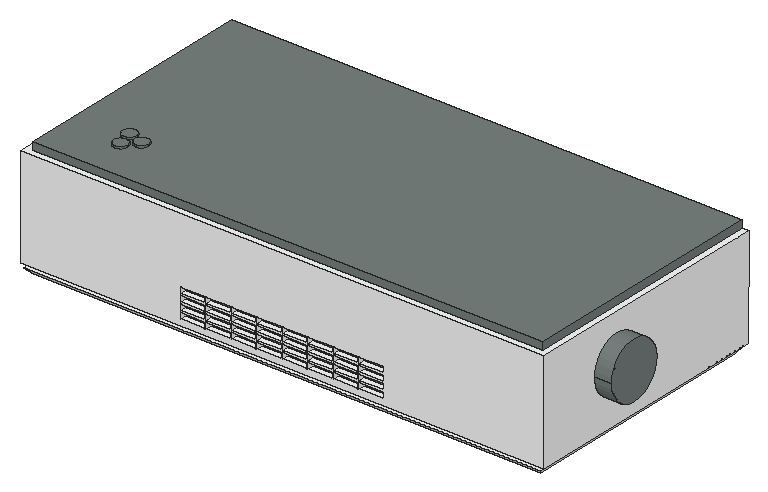
Revit family "AM 150 HHBDE", category Mechanical Equipment, Revit 2019
Family settings
  Round Connector Dimension = Use Diameter
  Part Type = Normal
  OmniClass Number = 23.75.00.00
  OmniClass Title = Climate Control (HVAC)
  Work Plane-Based = No
  Always vertical = Yes
  Cut with Voids When Loaded = No
  Shared = No
  Room Calculation Point = No
Parameters
  publication date = "09.10.2024"
  Weight (Standard Unit) = 47  # constant formula
  Water Heater Surface Return = 15 mm  # constant formula
  Water Heater Surface IN = 15 mm  # constant formula
  Version number = "1.0"
  URL = "https://www.airmaster-as.com/products/ventilation-units-wall-mounted/am-150"
  Total Width = 1170 mm  # constant formula
  Total Hight = 262 mm  # constant formula
  T-C Duct Supply = 158 mm  # constant formula
  T-C Duct Exhaust = 158 mm  # constant formula
  Suply Air In = 160 mm  # constant formula
  Return Air = 125 mm  # constant formula
  R-C Duct Supply = 105 mm  # constant formula
  Phase 1 - Max Power Consumption = "1175 W"
  Phase 1 - Max Current = "7,97 A"
  Nominal current, electrical preheating surface = "4,35 A"
  Nominal current, electrical comfort heating surface = "2,17 A"
  Nominal current, air handling unit = "1,45 A"
  Network Conection = "AWG 24 CAT 5e STP"
  Model = "AM 150 HHBDE"
  Max. flow rate 35 dB(A) with ePM10 80% filters = 120.00 m³  # constant formula
  Max. flow rate 35 dB(A) with ePM10 55% filters = 137.00 m³  # constant formula
  Max. flow rate 35 dB(A) with ePM10 50% filters = 156.00 m³  # constant formula
  Max. flow rate 30 dB(A) with ePM10 80% filters = 91.00 m³  # constant formula
  Max. flow rate 30 dB(A) with ePM10 55% filters = 98.00 m³  # constant formula
  Max. flow rate 30 dB(A) with ePM10 50% filters = 123.00 m³  # constant formula
  Manufacturer = "Airmaster A/S"
  Maintenance [instance] = no
  L-C Duct Exhaust = 105 mm  # constant formula
  Exhaust Air = 160 mm  # constant formula
  Total Depth = 571 mm  # constant formula
  Electrical connection = "1 ~ 230 V / N / PE / 50 Hz"
  Drawn By = "LSB"
  Condensate = 6 mm  # constant formula
  BMS Panel = "(PTS) 2x2x0,6"
  BMS Out = "(PTS) 2x2x0,6"
  BMS IN = "(PTS) 2x2x0,6"
  Airlow area [instance] = no
Reference planes
  plane 1 "Center (Front/Back)": y = 0
  plane 2: z = 0
  plane 3 "Center (Left/Right)": x = 0
  plane 4 "Center L/S": y = -571
  plane 5 "Center L/T": x = -585
  plane 6 "Center L/U": x = 585
  plane 7 "TOP": z = 262
  plane 8 "Center L/V": x = -570
  plane 9 "Center L/W": y = -556
  plane 10 "Center L/X": x = 570
  plane 11 "Panel Buttom": z = 20.747
  plane 12 "Panel Top": z = 246.501
  plane 13 "Hatch": z = 14.5
Forms (mm)
  Extrusion 1, solid, material "AM Grey"
    sketch origin (0, 0, 0) x (1, 0, 0) y (0, 1, 0)
      loop
        line (-570, 0) -> (-570, -556) -> (570, -556) -> (570, 0) -> (-570, 0)
    from 14.5 to 262
  Extrusion 2, solid, material "AM White"
    sketch origin (794.5, -1524, 20.747) x (0, -1, 0) y (-1, 0, 0)
      loop
        line (-1524, 1379.5) -> (-1524, 1364.5) -> (-968, 1364.5) -> (-968, 224.5) -> (-1524, 224.5) -> (-1524, 209.5) -> (-953, 209.5) -> (-953, 1379.5) -> (-1524, 1379.5)
    from 0 to -225.754
  Blend 3, solid, material "AM White"
    base sketch origin (-790.646, -1524, 14.5) x (0, -1, 0) y (1, 0, 0)
      loop
        line (-953, 212.613) -> (-953, 1368.657) -> (-1524, 1368.657) -> (-1524, 212.613) -> (-953, 212.613)
    top sketch origin (-790.646, -1524, 14.5) x (0, -1, 0) y (1, 0, 0)
      loop
        line (-968, 223.963) -> (-968, 1357.646) -> (-1509.161, 1357.646) -> (-1509.161, 223.963) -> (-968, 223.963)
    from 0 to -14.5
  Extrusion 4, solid, material "AM Grey"
    sketch origin (-570, 0, 0) x (1, 0, 0) y (0, 0, -1)
      loop
        circle (1035, -119.501) r 77.16
      loop
        circle (1035, -119.501) r 78
    from 0 to 18.45
  Extrusion 5, solid, material "AM Grey"
    sketch origin (-785, 0, 0) x (1, 0, 0) y (0, 0, -1)
      loop
        circle (290, -119.501) r 77.16
      loop
        circle (290, -119.501) r 78
    from 0 to 18.45
  Extrusion 6, solid, material "Maintenece", visible <- "Maintenance"
    sketch origin (-790.646, -1524, 0) x (1, 0, 0) y (0, -1, 0)
      loop
        line (205.646, -1524) -> (1375.646, -1524) -> (1375.646, -953) -> (205.646, -953) -> (205.646, -1524)
    from 0 to 1200
  Extrusion 7, solid, material "AM Grey"
    sketch origin (-876.982, -12.495, 262) x (1, 0, 0) y (0, 1, 0)
      loop
        circle (423.027, -417.273) r 15.55
    from 0 to 3
  Extrusion 8, solid, material "AM Grey"
    sketch origin (-866.134, 5.874, 262) x (1, 0, 0) y (0, 1, 0)
      loop
        circle (447.132, -446.023) r 15.55
    from 0 to 3
  Extrusion 9, solid, material "AM Grey"
    sketch origin (-855.713, -13.073, 262) x (1, 0, 0) y (0, 1, 0)
      loop
        circle (410.201, -452.535) r 15.55
    from 0 to 3
  Extrusion 10, void
    sketch origin (585, -571, 24.45) x (1, 0, 0) y (0, 0, -1)
      loop
        line (-811.5, -75.55) -> (-757.5, -75.55) -> (-757.5, -61.55) -> (-811.5, -61.55) -> (-811.5, -75.55)
      loop
        line (-811.5, -58.55) -> (-757.5, -58.55) -> (-757.5, -44.55) -> (-811.5, -44.55) -> (-811.5, -58.55)
      loop
        line (-811.5, -41.55) -> (-757.5, -41.55) -> (-757.5, -27.55) -> (-811.5, -27.55) -> (-811.5, -41.55)
      loop
        line (-811.5, -24.55) -> (-757.5, -24.55) -> (-757.5, -10.55) -> (-811.5, -10.55) -> (-811.5, -24.55)
      loop
        line (-754.5, -75.55) -> (-700.5, -75.55) -> (-700.5, -61.55) -> (-754.5, -61.55) -> (-754.5, -75.55)
      loop
        line (-754.5, -58.55) -> (-700.5, -58.55) -> (-700.5, -44.55) -> (-754.5, -44.55) -> (-754.5, -58.55)
      loop
        line (-754.5, -41.55) -> (-700.5, -41.55) -> (-700.5, -27.55) -> (-754.5, -27.55) -> (-754.5, -41.55)
      loop
        line (-754.5, -24.55) -> (-700.5, -24.55) -> (-700.5, -10.55) -> (-754.5, -10.55) -> (-754.5, -24.55)
      loop
        line (-697.5, -75.55) -> (-643.5, -75.55) -> (-643.5, -61.55) -> (-697.5, -61.55) -> (-697.5, -75.55)
      loop
        line (-697.5, -58.55) -> (-643.5, -58.55) -> (-643.5, -44.55) -> (-697.5, -44.55) -> (-697.5, -58.55)
      loop
        line (-697.5, -41.55) -> (-643.5, -41.55) -> (-643.5, -27.55) -> (-697.5, -27.55) -> (-697.5, -41.55)
      loop
        line (-697.5, -24.55) -> (-643.5, -24.55) -> (-643.5, -10.55) -> (-697.5, -10.55) -> (-697.5, -24.55)
      loop
        line (-640.5, -75.55) -> (-586.5, -75.55) -> (-586.5, -61.55) -> (-640.5, -61.55) -> (-640.5, -75.55)
      loop
        line (-640.5, -58.55) -> (-586.5, -58.55) -> (-586.5, -44.55) -> (-640.5, -44.55) -> (-640.5, -58.55)
      loop
        line (-640.5, -41.55) -> (-586.5, -41.55) -> (-586.5, -27.55) -> (-640.5, -27.55) -> (-640.5, -41.55)
      loop
        line (-640.5, -24.55) -> (-586.5, -24.55) -> (-586.5, -10.55) -> (-640.5, -10.55) -> (-640.5, -24.55)
      loop
        line (-583.5, -75.55) -> (-529.5, -75.55) -> (-529.5, -61.55) -> (-583.5, -61.55) -> (-583.5, -75.55)
      loop
        line (-583.5, -58.55) -> (-529.5, -58.55) -> (-529.5, -44.55) -> (-583.5, -44.55) -> (-583.5, -58.55)
      loop
        line (-583.5, -41.55) -> (-529.5, -41.55) -> (-529.5, -27.55) -> (-583.5, -27.55) -> (-583.5, -41.55)
      loop
        line (-583.5, -24.55) -> (-529.5, -24.55) -> (-529.5, -10.55) -> (-583.5, -10.55) -> (-583.5, -24.55)
      loop
        line (-526.5, -75.55) -> (-472.5, -75.55) -> (-472.5, -61.55) -> (-526.5, -61.55) -> (-526.5, -75.55)
      loop
        line (-526.5, -58.55) -> (-472.5, -58.55) -> (-472.5, -44.55) -> (-526.5, -44.55) -> (-526.5, -58.55)
      loop
        line (-526.5, -41.55) -> (-472.5, -41.55) -> (-472.5, -27.55) -> (-526.5, -27.55) -> (-526.5, -41.55)
      loop
        line (-526.5, -24.55) -> (-472.5, -24.55) -> (-472.5, -10.55) -> (-526.5, -10.55) -> (-526.5, -24.55)
      loop
        line (-469.5, -75.55) -> (-415.5, -75.55) -> (-415.5, -61.55) -> (-469.5, -61.55) -> (-469.5, -75.55)
      loop
        line (-469.5, -58.55) -> (-415.5, -58.55) -> (-415.5, -44.55) -> (-469.5, -44.55) -> (-469.5, -58.55)
      loop
        line (-469.5, -41.55) -> (-415.5, -41.55) -> (-415.5, -27.55) -> (-469.5, -27.55) -> (-469.5, -41.55)
      loop
        line (-469.5, -24.55) -> (-415.5, -24.55) -> (-415.5, -10.55) -> (-469.5, -10.55) -> (-469.5, -24.55)
      loop
        line (-412.5, -75.55) -> (-358.5, -75.55) -> (-358.5, -61.55) -> (-412.5, -61.55) -> (-412.5, -75.55)
      loop
        line (-412.5, -58.55) -> (-358.5, -58.55) -> (-358.5, -44.55) -> (-412.5, -44.55) -> (-412.5, -58.55)
      loop
        line (-412.5, -41.55) -> (-358.5, -41.55) -> (-358.5, -27.55) -> (-412.5, -27.55) -> (-412.5, -41.55)
      loop
        line (-412.5, -24.55) -> (-358.5, -24.55) -> (-358.5, -10.55) -> (-412.5, -10.55) -> (-412.5, -24.55)
    from 0 to 15
  Extrusion 11, solid, material "AM Grey"
    sketch origin (585, 0, 20.747) x (0, -1, 0) y (0, 0, -1)
      loop
        circle (369, -122.253) r 62.5
    from 0 to 40
Cuts and joins
  Extrusion 10 cuts Extrusion 1
  Extrusion 10 cuts Extrusion 2
Dimensions and locks
  "Total Depth": plane 4 "Center L/S" to plane 1 "Center (Front/Back)"
  equal spacing: plane 5 "Center L/T", plane 3 "Center (Left/Right)", plane 6 "Center L/U"
  "Total Width": plane 5 "Center L/T" to plane 6 "Center L/U"
  "Total Hight": plane 7 "TOP" to level
  locked: plane 10 "Center L/X" to plane 6 "Center L/U" at 15
  locked: plane 4 "Center L/S" to plane 9 "Center L/W" at 15
  locked: plane 5 "Center L/T" to plane 8 "Center L/V" at 15
  Extrusion 1 to Blend 3 sketch curve = 14.839 mm
  cut or joined group of Extrusion 1, Extrusion 10 to Extrusion 11 sketch curve = 119 mm
  Extrusion 11 sketch curve to plane 1 "Center (Front/Back)" = 369 mm
  aligned and locked: level to plane 2
  aligned and locked: plane 1 "Center (Front/Back)" to Extrusion 1 sketch curve
  aligned and locked: plane 8 "Center L/V" to Extrusion 1 sketch curve
  aligned and locked: Extrusion 1 sketch curve to plane 9 "Center L/W"
  aligned and locked: Extrusion 1 sketch curve to plane 10 "Center L/X"
  aligned and locked: plane 7 "TOP" to Extrusion 1
  aligned and locked: plane 5 "Center L/T" to Extrusion 2 sketch curve
  aligned and locked: plane 4 "Center L/S" to Extrusion 2 sketch curve
  aligned and locked: plane 6 "Center L/U" to Extrusion 2 sketch curve
  aligned and locked: Extrusion 2 sketch curve to Extrusion 1  (x3)
  aligned and locked: plane 1 "Center (Front/Back)" to Extrusion 2 sketch curve
  aligned and locked: Extrusion 2 to plane 12 "Panel Top"
  aligned and locked: Blend 3 to plane 2
  aligned and locked: plane 13 "Hatch" to Extrusion 1
Automatic sketch dimensions
  plane 1 "Center (Front/Back)" to Extrusion 2 sketch curve = 0 mm
  plane 1 "Center (Front/Back)" to Blend 3 sketch curve = 0 mm
  plane 4 "Center L/S" to Blend 3 sketch curve = 0 mm
  plane 5 "Center L/T" to Blend 3 sketch curve = 6.967 mm
  Blend 3 sketch curve to plane 6 "Center L/U" = 6.989 mm
  plane 9 "Center L/W" to Blend 3 sketch curve = 0 mm
  plane 8 "Center L/V" to Blend 3 sketch curve = 3.316 mm
  Blend 3 sketch curve to plane 10 "Center L/X" = 3 mm
  Extrusion 6 sketch curve to Blend 3 = 18.316 mm
  Extrusion 6 sketch curve to Blend 3 = 18 mm
  Extrusion 6 sketch curve to Blend 3 = 15 mm
  Extrusion 6 sketch curve to Blend 3 = 14.839 mm
  Extrusion 7 sketch curve to Extrusion 1 = 1023.955 mm
  Extrusion 7 sketch curve to Extrusion 1 = 126.232 mm
  Extrusion 8 sketch curve to Extrusion 1 = 989.002 mm
  Extrusion 8 sketch curve to Extrusion 1 = 115.851 mm
  Extrusion 9 sketch curve to Extrusion 1 = 1015.512 mm
  Extrusion 9 sketch curve to Extrusion 1 = 90.392 mm
  Extrusion 10 sketch curve to Extrusion 2 = 79.253 mm  (x2)
  Extrusion 10 sketch curve to Extrusion 2 = 358.5 mm
  Extrusion 10 sketch curve to Extrusion 2 = 14.253 mm
  Extrusion 10 sketch curve to Extrusion 10 sketch curve = 0 mm  (x60)
  Extrusion 10 sketch curve to Extrusion 10 sketch curve = 54 mm  (x8)
  Extrusion 10 sketch curve to Extrusion 10 sketch curve = 3 mm  (x38)
  Extrusion 10 sketch curve to Extrusion 10 sketch curve = 14 mm  (x18)
  radius of Extrusion 7 sketch curve = 15.55 mm
  radius of Extrusion 8 sketch curve = 15.55 mm
  radius of Extrusion 9 sketch curve = 15.55 mm
  radius of Extrusion 11 sketch curve = 62.5 mm
Nested families
  nested 1: "Model Label 2019" at (0, -361.924, 0), Label <- "Model", type "Model Label 2019"
    with Label "AM 150 HHBDE"
  nested 2: "indblæssymbol" at (0, -621, 0) x (0, -1, 0) z (0, 0, 1), type "indblæssymbol"
    with dX_ 609 mm, dX 609 mm, ang2D 0.00°
Connectors
  electrical at (-453.955, -429.768, 262)
    settings: on Extrusion 7, index 13, voltage 230 V, apparent load 0 VA, apparent load phase1 0 VA, apparent load phase2 0 VA, apparent load phase3 0 VA, power factor 0.55, load classification "Other", number of poles 1, system type 30, power factor state 1, is connector primary yes, connector utility no, sub classification motor no, connector description ""
  electrical at (-419.002, -440.149, 262), driven by "BMS Out"
    settings: on Extrusion 8, index 14, voltage 0 V, apparent load 0 VA, apparent load phase1 0 VA, apparent load phase2 0 VA, apparent load phase3 0 VA, power factor 1, load classification "Other", number of poles 1, system type 5, power factor state 1, is connector primary no, connector utility no, sub classification motor no, connector description "(PTS) 2x2x0,6"
  electrical at (-445.512, -465.608, 262), driven by "BMS IN"
    settings: on Extrusion 9, index 15, voltage 0 V, apparent load 0 VA, apparent load phase1 0 VA, apparent load phase2 0 VA, apparent load phase3 0 VA, power factor 1, load classification "Other", number of poles 1, system type 5, power factor state 1, is connector primary no, connector utility no, sub classification motor no, connector description "(PTS) 2x2x0,6"
  hvac at (-495, 0, 119.501), driven by "Exhaust Air"
    settings: on Extrusion 5, index 17, duct flow 0.0 L/s, flow factor 0, pres drop 0.0 Pa, loss coef 0, conn angle 0.00°, conn width 304.8 mm, conn height 304.8 mm, conn diameter 160 mm, duct sys type 3, conn prof type 0, flow config 2, flow direction 2, loss method 0, conn ref index -1, conn util no, is conn primary yes, conn desc ""
  hvac at (465, 0, 119.501), driven by "Suply Air In"
    settings: on Extrusion 4, index 18, duct flow 0.0 L/s, flow factor 0, pres drop 0.0 Pa, loss coef 0, conn angle 0.00°, conn width 304.8 mm, conn height 304.8 mm, conn diameter 160 mm, duct sys type 1, conn prof type 0, flow config 2, flow direction 1, loss method 0, conn ref index -1, conn util no, is conn primary no, conn desc ""
  hvac at (585, -369, 143), driven by "Return Air"
    settings: on Extrusion 11, index 19, duct flow 0.0 L/s, flow factor 0, pres drop 0.0 Pa, loss coef 0, conn angle 0.00°, conn width 304.8 mm, conn height 304.8 mm, conn diameter 125 mm, duct sys type 2, conn prof type 0, flow config 2, flow direction 1, loss method 0, conn ref index -1, conn util no, is conn primary no, conn desc ""
Definition of nested family "Model Label 2019"
  Parameters (values of type "Model Label 2019")
    Label [instance] = ""
  Reference planes
    plane 1: y = 0
    plane 2: x = 0
  Text (mm)
    label "Label" at (-0.131, 0.049, 0), shows "Label"
Definition of nested family "indblæssymbol"
  Parameters (values of type "indblæssymbol")
    dX_ [instance] = if(dX = 0 mm, 1 mm, dX)  # 609 mm
    dX [instance] = 609 mm
    ang2D [instance] = 0.00°
    Type Comments = "DO NOT CHANGE dX value from 608 mm ( 2 ft )"
    Afstand pil = 50 mm
  Reference planes
    plane 1 "Center (Front/Back)": y = 0
    plane 2: z = 0
    plane 3 "Center (Left/Right)": x = 0
  Lines and regions (mm)
    Filled region 1, type "Concrete", in view "Ref. Level"
      outline origin (50.005, 0, 0) x (1, 0, 0) y (0, 1, 0)
        loop
          line (399.995, 0.414) -> (301.442, 17.365) -> (301.588, -17.365) -> (399.995, 0.414)
    reference lines, in view "Ref. Level"
      curve 1: line (50, 134.129, 0) -> (50, -145.871, 0)
    detail lines, in view "Ref. Level"
      curve 2: line (351.52, 0, 0) -> (50, 0, 0)
  Dimensions and locks
    "Afstand pil": plane 3 "Center (Left/Right)" to curve 1
    curve 1 to Filled region 1 = 400 mm
  Automatic sketch dimensions
    Filled region 1 sketch curve to plane 1 "Center (Front/Back)" = 0.414 mm
    plane 3 "Center (Left/Right)" to Filled region 1 sketch curve = 450 mm
    plane 1 "Center (Front/Back)" to Filled region 1 sketch curve = 17.365 mm
    Filled region 1 sketch curve to Filled region 1 sketch curve = 98.407 mm
    Filled region 1 sketch curve to plane 1 "Center (Front/Back)" = 17.365 mm
    Filled region 1 sketch curve to Filled region 1 sketch curve = 0.146 mm
    plane 1 "Center (Front/Back)" to curve 2 = 0 mm
    plane 3 "Center (Left/Right)" to curve 2 = 50 mm
    curve 2 to curve 2 = 301.52 mm
    plane 1 "Center (Front/Back)" to curve 1 = 145.871 mm
    curve 1 to plane 1 "Center (Front/Back)" = 134.129 mm
